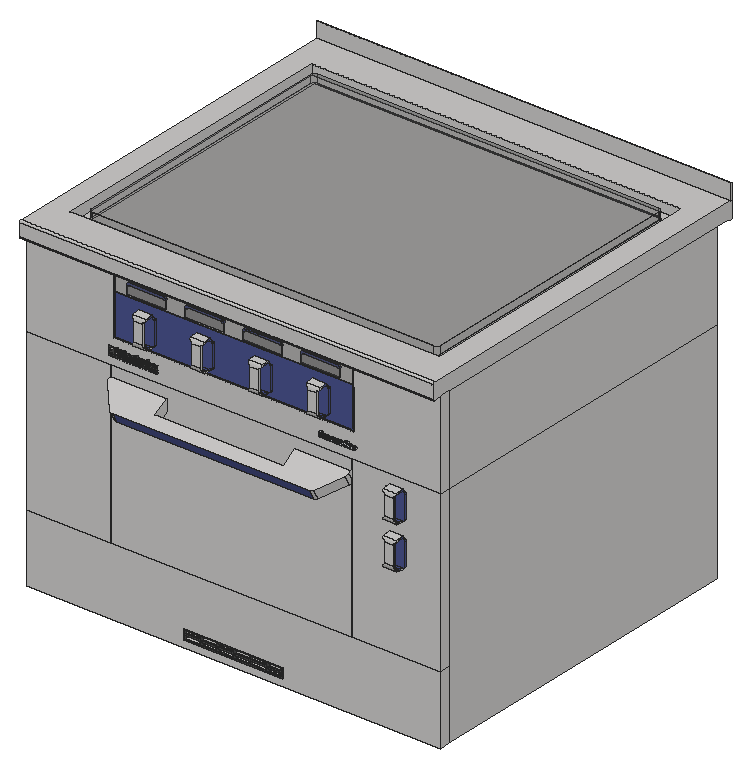
Revit family "QF_ELECTROLUXPROFESSIONAL_589664_MCTGFBJ8AO", category Attrezzature speciali, Revit 2020
Family settings
  Quota connettore circolare = Usa diametro
  Tipo di parte = Normale
  Basato su piano di lavoro = No
  Sempre verticale = Sì
  Taglio con vuoti quando caricato = No
  Condiviso = No
  Punto di calcolo locali = No
Parameters (values of type "Standard")
  Weight = 258.00 kg
  Watts = 21300 W
  Volts = 400 V
  URL Manufacturer = "https://www.electroluxprofessional.com/"
  URL = "https://www.electroluxprofessional.com/"
  Steam Supply Size = 0"
  Steam Supply Minimum Pressure = 0.00 psi
  Steam Supply Maximum Pressure = 0.00 psi
  Steam Consumption per Hour = 0
  Refrigeration Suction Line Size = 0 mm
  Refrigeration Liquid Line Size = 0 mm
  Refrigerant Compressor Remote = yes
  Prospetto di default = 0 mm
  Phase = 3
  Modello = "MCTGFBJ8AO"
  Produttore = "Electrolux Professional"
  Length Actual = 1000 mm  # constant formula
  Item Number = "589664"
  Hot Water Size = 0"
  Height Actual = 800 mm  # constant formula
  HP = "28.6 HP"
  Gas Size = 0"
  Gas KW = 0
  Gas Input Pressure = 0.0 Btu/h
  Direct Waste Size = 0"
  Descrizione = "EL.FREE COOK.ST.OVEN,1S,BS,1000X900X800H"
  Depth Actual = 900 mm  # constant formula
  Cycle = 50 Hz
  Condensate Return Size = 0"
  Compressed Air Volume = 0 GPM
  Compressed Air Size = 0"
  Compressed Air Pressure = 0.00 psi
  Cold Water Size = 0"
  Accessory = yes
Reference planes
  plane 1 "BACK": y = 0
  plane 2: z = 0
  plane 3 "LEFT": x = -100
  plane 4 "RIGHT": x = 900
  plane 5 "FRONT": y = -900
  plane 6 "TOP": z = 900
  plane 7 "Center (Left/Right)": x = 400
  plane 8: y = -450
  plane 9: z = 100
  plane 10: y = -150
  plane 11 "Panel": y = -855
  plane 12: z = 798
  plane 13: z = 1327
  plane 14: x = -22
  plane 15: x = 822
  plane 16: y = -150
  plane 17: y = -650
  plane 18 "EIx": x = 855
  plane 19 "EIy": y = -685
  plane 20: y = -880
  plane 21: z = 938
Forms (mm)
  Extrusion 1, solid, material "QF_Finishes_Stainless Steel"
    sketch origin (-178.969, -4572, 100) x (-1, 0, 0) y (0, -1, 0)
      loop
        line (-78.969, -4527) -> (-78.969, -3717) -> (-1078.969, -3717) -> (-1078.969, -4527) -> (-78.969, -4527)
    from 550 to 762.969
  Extrusion 2, solid, material "QF_Finishes_Stainless Steel"
    sketch origin (-100, 0, -100) x (0, 1, 0) y (0, 0, 1)
      loop
        line (-855, 200) -> (-855, 365) -> (-880, 365) -> (-880, 200) -> (-855, 200)
    from 0 to 1000
  Extrusion 3, solid, material "QF_Finishes_Stainless Steel"
    sketch origin (-488.969, -4662, 100) x (-1, 0, 0) y (0, -1, 0)
      loop
        circle (-1343.969, -3977) r 6.35
    from 0 to -11.851
  Extrusion 4, solid, material "QF_Finishes_Stainless Steel"
    sketch origin (400, 296.4, 1219.2) x (0, 1, 0) y (0, 0, 1)
      loop
        line (-296.4, -319.2) -> (-1191.4, -319.2)
        arc (-1191.4, -319.2) -> (-1194.935, -320.664) -> (-1196.4, -324.2) r 5
        line (-1196.4, -324.2) -> (-1196.4, -355.2)
        arc (-1196.4, -355.2) -> (-1194.971, -358.264) -> (-1191.705, -359.139) r 4
        line (-1191.705, -359.139) -> (-1176.4, -356.231) -> (-316.4, -356.231) -> (-301.094, -359.139)
        arc (-301.094, -359.139) -> (-297.829, -358.264) -> (-296.4, -355.2) r 4
        line (-296.4, -355.2) -> (-296.4, -319.2)
    from -500 to 500
  Extrusion 5, solid, material "QF_Finishes_Electrolux_Black Smoke Iluminated"
    sketch origin (0, 0, 900) x (-1, 0, 0) y (0, -1, 0)
      loop
        arc (12, 109) -> (19.071, 111.929) -> (22, 119) r 10
        line (22, 119) -> (22, 780)
        arc (22, 780) -> (19.071, 787.071) -> (12, 790) r 10
        line (12, 790) -> (-812, 790)
        arc (-812, 790) -> (-819.071, 787.071) -> (-822, 780) r 10
        line (-822, 780) -> (-822, 119)
        arc (-822, 119) -> (-819.071, 111.929) -> (-812, 109) r 10
        line (-812, 109) -> (12, 109)
    from 0 to -20
  Extrusion 6, solid, material "QF_Finishes_Stainless Steel"
    sketch origin (-178.969, -4572, 100) x (-1, 0, 0) y (0, -1, 0)
      loop
        line (-78.969, -4527) -> (-78.969, -3717) -> (-1078.969, -3717) -> (-1078.969, -4527) -> (-78.969, -4527)
    from 550 to 0
  Extrusion 7, void
    sketch origin (0, -855, -100) x (-1, 0, 0) y (0, 0, 1)
      loop
        line (-520, 216.594) -> (-280, 216.594) -> (-280, 241.594) -> (-520, 241.594) -> (-520, 216.594)
    from 0 to -25
  Extrusion 8, solid, material "QF_Finishes_Black"
    sketch origin (0, -855, -100) x (-1, 0, 0) y (0, 0, 1)
      loop
        line (-280, 241.594) -> (-520, 241.594) -> (-520, 216.594) -> (-280, 216.594) -> (-280, 241.594)
      loop
        line (-282, 239.594) -> (-319.131, 239.594) -> (-319.131, 230.094) -> (-282, 230.094) -> (-282, 239.594)
      loop
        line (-282, 218.594) -> (-282, 228.094) -> (-319.131, 228.094) -> (-319.131, 218.594) -> (-282, 218.594)
      loop
        line (-321.131, 239.594) -> (-359.066, 239.594) -> (-359.066, 230.094) -> (-321.131, 230.094) -> (-321.131, 239.594)
      loop
        line (-399, 239.594) -> (-399, 230.094) -> (-361.066, 230.094) -> (-361.066, 239.594) -> (-399, 239.594)
      loop
        line (-401, 239.594) -> (-438.934, 239.594) -> (-438.934, 230.094) -> (-401, 230.094) -> (-401, 239.594)
      loop
        line (-359.066, 218.594) -> (-321.131, 218.594) -> (-321.131, 228.094) -> (-359.066, 228.094) -> (-359.066, 218.594)
      loop
        line (-361.066, 218.594) -> (-361.066, 228.094) -> (-399, 228.094) -> (-399, 218.594) -> (-361.066, 218.594)
      loop
        line (-401, 228.094) -> (-438.934, 228.094) -> (-438.934, 218.594) -> (-401, 218.594) -> (-401, 228.094)
      loop
        line (-518, 239.594) -> (-518, 230.094) -> (-480.869, 230.094) -> (-480.869, 239.594) -> (-518, 239.594)
      loop
        line (-518, 218.594) -> (-480.869, 218.594) -> (-480.869, 228.094) -> (-518, 228.094) -> (-518, 218.594)
      loop
        line (-478.869, 239.594) -> (-478.869, 230.094) -> (-440.934, 230.094) -> (-440.934, 239.594) -> (-478.869, 239.594)
      loop
        line (-440.934, 218.594) -> (-440.934, 228.094) -> (-478.869, 228.094) -> (-478.869, 218.594) -> (-440.934, 218.594)
    from -25.03 to -20
  Extrusion 9, void
    sketch origin (0, 0, 900) x (-1, 0, 0) y (0, -1, 0)
      loop
        line (47, 815) -> (-847, 815) -> (-847, 84) -> (47, 84) -> (47, 815)
    from 0 to -25
  Extrusion 10, solid, material "QF_Finishes_Stainless Steel"
    sketch origin (0, 0, 900) x (-1, 0, 0) y (0, -1, 0)
      loop
        line (18, 113) -> (18, 786) -> (-818, 786) -> (-818, 113) -> (18, 113)
    from -20 to -25
  Extrusion 11, solid, material "QF_Finishes_Stainless Steel"
    sketch origin (400, 296.4, 1219.2) x (0, 1, 0) y (0, 0, 1)
      loop
        line (-296.4, -319.2) -> (-296.4, -281.2) -> (-298.4, -281.2) -> (-298.4, -319.2) -> (-296.4, -319.2)
    from -500 to 500
Cuts and joins
  Extrusion 7 cuts Extrusion 6
  Extrusion 7 cuts Extrusion 2
  Extrusion 9 cuts Extrusion 4
Lines and regions (mm)
  symbolic lines
    curve 1: line (-100, 0, 100) -> (900, 0, 100)
    curve 2: line (-100, -900, 100) -> (-100, 0, 100)
    curve 3: line (900, -900, 100) -> (-100, -900, 100)
    curve 4: line (900, 0, 100) -> (900, -900, 100)
    curve 5: line (812, -109, 100) -> (-12, -109, 100)
    curve 6: line (-22, -119, 100) -> (-22, -780, 100)
    curve 7: line (-12, -790, 100) -> (812, -790, 100)
    curve 8: line (822, -780, 100) -> (822, -119, 100)
    curve 9: arc (-12, -109, 100) -> (-19.071, -111.929, 100) -> (-22, -119, 100) r 10
    curve 10: arc (822, -119, 100) -> (819.071, -111.929, 100) -> (812, -109, 100) r 10
    curve 11: arc (812, -790, 100) -> (819.071, -787.071, 100) -> (822, -780, 100) r 10
    curve 12: arc (-22, -780, 100) -> (-19.071, -787.071, 100) -> (-12, -790, 100) r 10
    curve 13: line (847, -84, 900) -> (-47, -84, 900)
    curve 14: line (-47, -84, 900) -> (-47, -815, 900)
    curve 15: line (847, -815, 900) -> (847, -84, 900)
    curve 16: line (-47, -815, 900) -> (847, -815, 900)
    curve 17: line (-100, -2, 900) -> (900, -2, 900)
Dimensions and locks
  plane 3 "LEFT" to plane 4 "RIGHT" = 1000 mm
  plane 5 "FRONT" to plane 1 "BACK" = 900 mm
  plane 3 "LEFT" to plane 7 "Center (Left/Right)" to plane 4 "RIGHT" = 500 mm, 500 mm
  equal spacing: plane 5 "FRONT", plane 8, plane 1 "BACK"
  plane 6 "TOP" to level = 900 mm  (x2)
  plane 9 to level = 100 mm
  plane 1 "BACK" to plane 10 to plane 11 "Panel" = 150 mm, 705 mm  (x2)
  plane 6 "TOP" to plane 9 to level = 800 mm, 100 mm
  plane 1 "BACK" to plane 5 "FRONT" = 900 mm
  plane 1 "BACK" to Extrusion 3 = 685 mm
  plane 12 to plane 9 = 698 mm
  plane 13 to plane 6 "TOP" = 427 mm
  plane 6 "TOP" to plane 12 = 102 mm
  plane 14 to plane 3 "LEFT" = 78 mm
  plane 15 to plane 4 "RIGHT" = 78 mm
  locked: plane 1 "BACK" to plane 16 at 150
  locked: plane 16 to plane 17 at 500
  plane 11 "Panel" to plane 5 "FRONT" = 45 mm
  plane 18 "EIx" to plane 4 "RIGHT" = 45 mm
  plane 19 "EIy" to plane 1 "BACK" = 685 mm
  locked: plane 11 "Panel" to plane 20 at 25
  plane 21 to plane 6 "TOP" = 38 mm
  aligned and locked: level to plane 2
  aligned and locked: Extrusion 2 to plane 4 "RIGHT"
  aligned and locked: cut or joined group of Extrusion 4, Extrusion 9 to plane 3 "LEFT"
  aligned and locked: cut or joined group of Extrusion 4, Extrusion 9 to plane 4 "RIGHT"
  aligned and locked: cut or joined group of Extrusion 6, Extrusion 7 to plane 4 "RIGHT"
  aligned and locked: cut or joined group of Extrusion 6, Extrusion 7 to plane 3 "LEFT"
  aligned and locked: nested 1 to plane 11 "Panel"
  aligned and locked: nested 4 to plane 11 "Panel"
  aligned and locked: Extrusion 1 to plane 11 "Panel"
  aligned and locked: plane 11 "Panel" to cut or joined group of Extrusion 2, Extrusion 7
  aligned and locked: nested 2 to plane 20
  aligned and locked: nested 3 to plane 20
  aligned and locked: Extrusion 1 to plane 3 "LEFT"
  aligned and locked: Extrusion 1 to plane 4 "RIGHT"
  aligned and locked: plane 3 "LEFT" to nested 1
  aligned and locked: Extrusion 11 to plane 3 "LEFT"
  aligned and locked: Extrusion 11 to plane 4 "RIGHT"
  aligned and locked: cut or joined group of Extrusion 2, Extrusion 7 to nested 1
  aligned and locked: Extrusion 1 to cut or joined group of Extrusion 4, Extrusion 9
  aligned and locked: cut or joined group of Extrusion 6, Extrusion 7 to nested 4
  aligned and locked: Extrusion 1 to cut or joined group of Extrusion 6, Extrusion 7
Automatic sketch dimensions
  Extrusion 1 sketch curve to plane 4 "RIGHT" = 0 mm
  Extrusion 1 sketch curve to plane 3 "LEFT" = 0 mm
  Extrusion 1 sketch curve to plane 11 "Panel" = 0 mm
  plane 1 "BACK" to Extrusion 1 sketch curve = 45 mm
  Extrusion 2 sketch curve to plane 9 = 0 mm
  Extrusion 2 sketch curve to plane 20 = 0 mm
  Extrusion 2 sketch curve to plane 11 "Panel" = 0 mm
  plane 9 to Extrusion 2 sketch curve = 165 mm
  plane 1 "BACK" to curve 1 = 0 mm
  curve 1 to plane 4 "RIGHT" = 0 mm
  curve 8 to plane 15 = 0 mm
  curve 6 to plane 14 = 0 mm
  curve 2 to plane 3 "LEFT" = 0 mm
  plane 5 "FRONT" to curve 3 = 0 mm
  plane 15 to curve 5 = 10 mm
  plane 15 to curve 11 = 10 mm
  curve 5 to plane 14 = 10 mm
  curve 12 to curve 12 = 10 mm
  plane 10 to curve 5 = 41 mm
  plane 11 "Panel" to curve 11 = 75 mm
  Extrusion 3 sketch curve to plane 18 "EIx" = 0 mm
  Extrusion 3 sketch curve to plane 19 "EIy" = 0 mm
  Extrusion 4 sketch curve to plane 5 "FRONT" = 0 mm
  Extrusion 4 sketch curve to plane 6 "TOP" = 0 mm
  Extrusion 4 sketch curve to plane 20 = 0 mm
  Extrusion 4 sketch curve to plane 1 "BACK" = 0 mm
  Extrusion 4 sketch curve to Extrusion 4 sketch curve = 4 mm
  Extrusion 4 sketch curve to Extrusion 4 sketch curve = 0.695 mm
  Extrusion 4 sketch curve to plane 5 "FRONT" = 5 mm
  plane 1 "BACK" to Extrusion 4 sketch curve = 20 mm
  plane 1 "BACK" to Extrusion 4 sketch curve = 4.695 mm
  plane 1 "BACK" to Extrusion 4 sketch curve = 4 mm
  Extrusion 4 sketch curve to Extrusion 4 sketch curve = 31 mm
  Extrusion 4 sketch curve to Extrusion 4 sketch curve = 36 mm
  Extrusion 4 sketch curve to Extrusion 4 sketch curve = 2.909 mm
  Extrusion 5 sketch curve to plane 15 = 0 mm
  Extrusion 5 sketch curve to plane 14 = 0 mm
  plane 15 to Extrusion 5 sketch curve = 10 mm  (x2)
  Extrusion 5 sketch curve to Extrusion 5 sketch curve = 10 mm  (x2)
  plane 10 to Extrusion 5 sketch curve = 41 mm
  plane 11 "Panel" to Extrusion 5 sketch curve = 75 mm
  Extrusion 6 sketch curve to plane 4 "RIGHT" = 0 mm
  Extrusion 6 sketch curve to plane 3 "LEFT" = 0 mm
  Extrusion 6 sketch curve to plane 11 "Panel" = 0 mm
  plane 1 "BACK" to Extrusion 6 sketch curve = 45 mm
  plane 9 to Extrusion 7 sketch curve = 41.594 mm
  plane 7 "Center (Left/Right)" to Extrusion 7 sketch curve = 120 mm
  Extrusion 7 sketch curve to plane 7 "Center (Left/Right)" = 120 mm
  plane 9 to Extrusion 7 sketch curve = 16.594 mm
  plane 9 to Extrusion 8 sketch curve = 41.594 mm
  plane 7 "Center (Left/Right)" to Extrusion 8 sketch curve = 120 mm
  Extrusion 8 sketch curve to Extrusion 8 sketch curve = 2 mm  (x15)
  Extrusion 8 sketch curve to Extrusion 8 sketch curve = 0 mm  (x16)
  Extrusion 8 sketch curve to Extrusion 8 sketch curve = 37.131 mm  (x2)
  Extrusion 8 sketch curve to Extrusion 8 sketch curve = 37.934 mm  (x3)
  plane 7 "Center (Left/Right)" to Extrusion 8 sketch curve = 1 mm  (x2)
  Extrusion 8 sketch curve to plane 7 "Center (Left/Right)" = 1 mm  (x2)
  plane 9 to Extrusion 8 sketch curve = 18.594 mm  (x4)
  Extrusion 8 sketch curve to Extrusion 8 sketch curve = 9.5 mm  (x6)
  plane 18 "EIx" to Extrusion 9 sketch curve = 8 mm
  plane 14 to Extrusion 9 sketch curve = 25 mm
  plane 10 to Extrusion 9 sketch curve = 66 mm
  plane 11 "Panel" to Extrusion 9 sketch curve = 40 mm
  plane 15 to Extrusion 10 sketch curve = 4 mm
  Extrusion 10 sketch curve to plane 14 = 4 mm
  plane 10 to Extrusion 10 sketch curve = 37 mm
  plane 11 "Panel" to Extrusion 10 sketch curve = 69 mm
  curve 17 to plane 4 "RIGHT" = 0 mm
  curve 17 to plane 3 "LEFT" = 0 mm
  plane 18 "EIx" to curve 16 = 8 mm
  plane 14 to curve 16 = 25 mm
  plane 10 to curve 14 = 66 mm
  plane 11 "Panel" to curve 16 = 40 mm
  plane 1 "BACK" to curve 17 = 2 mm
  Extrusion 11 sketch curve to plane 6 "TOP" = 0 mm
  Extrusion 11 sketch curve to plane 21 = 0 mm
  Extrusion 11 sketch curve to plane 1 "BACK" = 0 mm
  plane 1 "BACK" to Extrusion 11 sketch curve = 2 mm
  radius of Extrusion 3 sketch curve = 6.35 mm
Nested families
  nested 1: "Door_Panel_W1000_A" at (400, -855, 0), type "Door_Panel_W1000_A"
  nested 2: "FIT Range Control Handle" at (795, -883.137, -372.751), type "FIT Range Control Handle"
  nested 3: "FIT Range Control Handle" at (795, -883.137, -474.751), type "FIT Range Control Handle"
  nested 4: "Front_Panel_W1000_4 Knobs" at (102.376, -855, 0), type "Front_Panel_W1000_4 Knobs"
Connectors
  electrical at (855, -685, 88.149)
    settings: on Extrusion 3, index 1, voltage 400 V, apparent load 33000 VA, apparent load phase1 0 VA, apparent load phase2 0 VA, apparent load phase3 0 VA, power factor 1, load classification "Other", number of poles 1, system type 30, power factor state 1, is connector primary yes, connector utility no, sub classification motor no, connector description "ELECTRICAL CONNECTION"
Definition of nested family "Door_Panel_W1000_A"
  Parameters
    Default Elevation = 0 mm
  Reference planes
    plane 1 "Center (Front/Back)": y = 0
    plane 2 "Ref. Level": z = 0
    plane 3: x = 500
    plane 4: x = -500
    plane 5 "Center (Left/Right)": x = 0
    plane 6: x = -295
    plane 7: x = 285
    plane 8 "Manopola": through (-6096, -50.059, 612.389) normal (0, -0.515, 0.8572)
    plane 9 "Top": z = 650
    plane 10: z = 265
    plane 11: z = 200
  Forms (mm)
    Extrusion 1, solid
      sketch origin (0, 0, 0) x (0, 1, 0) y (0, 0, 1)
        loop
          line (-25.03, 650) -> (-25.03, 265) -> (0, 265) -> (0, 650) -> (-25.03, 650)
      from 285 to 500
    Extrusion 2, solid
      sketch origin (0, 0, 0) x (0, 1, 0) y (0, 0, 1)
        loop
          line (-25.03, 650) -> (-25.03, 265) -> (0, 265) -> (0, 650) -> (-25.03, 650)
      from -500 to -295
    Extrusion 3, solid
      sketch origin (0, 0, 0) x (0, 1, 0) y (0, 0, 1)
        loop
          line (-25.03, 650) -> (-25.03, 265) -> (0, 265) -> (0, 650) -> (-25.03, 650)
      from -295 to 285
    Extrusion 4, solid
      sketch origin (0, -283.633, 472.044) x (0, 0.857167, 0.515038) y (-1, 0, 0)
        loop
          line (299.12, -285) -> (299.12, 295) -> (290.982, 295)
          arc (290.982, 295) -> (286.677, 294.026) -> (283.211, 291.293) r 10
          line (283.211, 291.293) -> (233.28, 250.86)
          arc (233.28, 250.86) -> (230.548, 247.394) -> (229.574, 243.089) r 10
          line (229.574, 243.089) -> (229.574, -233.089)
          arc (229.574, -233.089) -> (230.548, -237.394) -> (233.28, -240.86) r 10
          line (233.28, -240.86) -> (283.211, -281.293)
          arc (283.211, -281.293) -> (286.677, -284.026) -> (290.982, -285) r 10
          line (290.982, -285) -> (299.12, -285)
      from -27 to 0
    Extrusion 5, void
      sketch origin (0, 0, 0) x (0, 1, 0) y (0, 0, 1)
        loop
          line (-61.514, 605.507) -> (-47.608, 582.363) -> (-25.03, 595.93) -> (-25.03, 627.429) -> (-61.514, 605.507)
      from -160 to 150
    Extrusion 6, solid, detail levels coarse
      sketch origin (0, 0, 0) x (0, 1, 0) y (0, 0, 1)
        loop
          line (-25.03, 265) -> (-25.03, 650)
          arc (-25.03, 650) -> (-297.266, 537.236) -> (-410.03, 265) r 385
          line (-410.03, 265) -> (-25.03, 265)
      from -295 to 285
  Cuts and joins
    Extrusion 5 cuts Extrusion 4
    joined: Extrusion 3, Extrusion 4
  Lines and regions (mm)
    symbolic lines
      curve 1: line (-287.355, -45.043, 0) -> (-250.86, -83.673, 0)
      curve 2: line (-243.089, -86.85, 0) -> (233.089, -86.85, 0)
      curve 3: line (240.86, -83.673, 0) -> (277.355, -45.043, 0)
      curve 4: arc (-243.089, -86.85, 0) -> (-247.318, -86.101, 0) -> (-250.86, -83.673, 0) r 10.165
      curve 5: arc (233.089, -86.85, 0) -> (237.318, -86.101, 0) -> (240.86, -83.673, 0) r 10.165
      curve 6: line (-295, -45.043, 0) -> (-295, -410.03, 0)
      curve 7: line (-295, -410.03, 0) -> (285, -410.03, 0)
      curve 8: line (285, -410.03, 0) -> (285, -45.03, 0)
  Dimensions and locks
    plane 3 to plane 4 = 1000 mm
    plane 4 to plane 3 = 1000 mm
    equal spacing: plane 3, plane 5 "Center (Left/Right)", plane 4
    plane 6 to plane 4 = 205 mm
    plane 3 to plane 7 = 215 mm
    plane 11 to level = 200 mm
    plane 10 to plane 11 = 65 mm
    plane 10 to plane 9 "Top" = 385 mm
    plane 9 "Top" to plane 11 = 450 mm
    aligned and locked: plane 3 to Extrusion 1
    aligned and locked: cut or joined group of Extrusion 3, Extrusion 4, Extrusion 5 to plane 6
    aligned and locked: cut or joined group of Extrusion 3, Extrusion 4, Extrusion 5 to plane 7
    aligned and locked: plane 7 to Extrusion 1
    aligned and locked: plane 6 to Extrusion 2
    aligned and locked: Extrusion 2 to plane 4
    aligned and locked: plane 10 to Extrusion 2
    aligned and locked: plane 10 to cut or joined group of Extrusion 3, Extrusion 4, Extrusion 5
    aligned and locked: plane 10 to Extrusion 1
    aligned and locked: Extrusion 6 to plane 6
    aligned and locked: Extrusion 6 to plane 7
  Automatic sketch dimensions
    Extrusion 5 sketch curve to plane 8 "Manopola" = 0 mm  (x2)
    plane 1 "Center (Front/Back)" to Extrusion 5 sketch curve = 61.514 mm
    Extrusion 5 sketch curve to Extrusion 5 sketch curve = 13.906 mm
    plane 1 "Center (Front/Back)" to Extrusion 5 sketch curve = 25.03 mm
    Extrusion 4 sketch curve to plane 7 = 0 mm
    Extrusion 4 sketch curve to plane 6 = 0 mm
    plane 6 to Extrusion 4 sketch curve = 51.911 mm
    plane 7 to Extrusion 4 sketch curve = 44.14 mm
    Extrusion 4 sketch curve to Extrusion 4 sketch curve = 3.707 mm  (x2)
    plane 6 to Extrusion 4 sketch curve = 44.14 mm
    plane 7 to Extrusion 4 sketch curve = 3.707 mm
    Extrusion 4 sketch curve to Extrusion 4 sketch curve = 49.93 mm  (x2)
    plane 6 to Extrusion 4 sketch curve = 3.707 mm
    Extrusion 4 sketch curve to Extrusion 4 sketch curve = 7.771 mm  (x3)
    Extrusion 4 sketch curve to Extrusion 4 sketch curve = 8.138 mm
    Extrusion 2 sketch curve to plane 1 "Center (Front/Back)" = 0 mm
    Extrusion 3 sketch curve to plane 1 "Center (Front/Back)" = 0 mm
    Extrusion 1 sketch curve to plane 1 "Center (Front/Back)" = 0 mm
    Extrusion 2 sketch curve to plane 9 "Top" = 0 mm
    Extrusion 2 sketch curve to Extrusion 2 sketch curve = 25.03 mm
    Extrusion 3 sketch curve to plane 9 "Top" = 0 mm
    Extrusion 3 sketch curve to Extrusion 3 sketch curve = 25.03 mm
    Extrusion 1 sketch curve to plane 9 "Top" = 0 mm
    plane 1 "Center (Front/Back)" to Extrusion 1 sketch curve = 25.03 mm
    level to Extrusion 1 sketch curve = 265 mm
    level to Extrusion 2 sketch curve = 265 mm
    level to Extrusion 3 sketch curve = 265 mm
    plane 10 to Extrusion 6 sketch curve = 0 mm
    Extrusion 6 sketch curve to plane 9 "Top" = 0 mm
    plane 1 "Center (Front/Back)" to Extrusion 6 sketch curve = 25.03 mm
    curve 7 to plane 7 = 0 mm
    plane 6 to curve 1 = 44.14 mm
    curve 4 to curve 4 = 7.389 mm
    curve 4 to curve 2 = 7.771 mm
    plane 7 to curve 2 = 51.911 mm
    curve 2 to curve 5 = 0.382 mm
    curve 2 to curve 3 = 7.771 mm
    plane 1 "Center (Front/Back)" to curve 6 = 410.03 mm
    plane 1 "Center (Front/Back)" to curve 2 = 86.85 mm
    curve 2 to curve 3 = 3.177 mm
    curve 2 to curve 1 = 3.177 mm
    plane 7 to curve 3 = 7.645 mm
    plane 1 "Center (Front/Back)" to curve 3 = 45.043 mm
    curve 3 to curve 8 = 0.013 mm
    curve 7 to plane 6 = 0 mm
    curve 6 to curve 1 = 7.645 mm
    plane 1 "Center (Front/Back)" to curve 1 = 45.043 mm
    curve 6 to curve 1 = 0 mm
Definition of nested family "FIT Range Control Handle"
  Parameters
    Default Elevation = 0 mm
  Reference planes
    plane 1 "Center (Front/Back)": y = 0
    plane 2: z = 0
    plane 3 "Center (Left/Right)": x = 0
    plane 4: z = 971.092
    plane 5: y = -16.8
  Forms (mm)
    Extrusion 1, solid
      sketch origin (-746.28, 380.497, 208.931) x (-1, 0, 0) y (0, 0, 1)
        loop
          line (-770.101, 786.798) -> (-770.101, 731.649)
          arc (-770.101, 731.649) -> (-769.759, 730.563) -> (-768.855, 729.87) r 1.893
          line (-768.855, 729.87) -> (-763.474, 727.911) -> (-729.81, 727.911) -> (-724.428, 729.87)
          arc (-724.428, 729.87) -> (-723.525, 730.563) -> (-723.183, 731.649) r 1.893
          line (-723.183, 731.649) -> (-723.183, 786.798)
          arc (-723.183, 786.798) -> (-723.529, 787.894) -> (-724.44, 788.593) r 1.91
          line (-724.44, 788.593) -> (-729.683, 790.819) -> (-763.601, 790.819) -> (-768.844, 788.593)
          arc (-768.844, 788.593) -> (-769.755, 787.894) -> (-770.101, 786.798) r 1.91
      from -382.35 to -378.852
    Sweep 2, solid
      path origin (-746.788, 380.496, 208.091) x (0, -1, 0) y (0, 0, 1)
        loop
          line (379.775, 793.281) -> (395.661, 791.048)
          arc (395.661, 791.048) -> (397.781, 787.377) -> (398.517, 783.202) r 12.207
          line (398.517, 783.202) -> (398.517, 737.368)
          arc (398.517, 737.368) -> (397.781, 733.193) -> (395.661, 729.522) r 12.207
          line (395.661, 729.522) -> (379.775, 727.289)
      profile origin (-746.788, -7.222, 1000.256) x (0, -0.139173, 0.990268) y (-1, 0, 0)
        loop
          line (0.782, -763.123) -> (0.782, -730.907) -> (-1.322, -730.907) -> (-1.322, -763.123) -> (0.782, -763.123)
    Sweep 3, solid
      path origin (-746.788, 380.715, 207.832) x (0, -1, 0) y (0, 0, 1)
        loop
          line (380.478, 795.442) -> (397.218, 793.09)
          arc (397.218, 793.09) -> (399.929, 788.473) -> (400.871, 783.202) r 15.207
          line (400.871, 783.202) -> (400.871, 737.584)
          arc (400.871, 737.584) -> (399.914, 732.274) -> (397.164, 727.633) r 15.207
          line (397.164, 727.633) -> (380.601, 725.305)
      profile origin (-746.788, -8.132, 1002.099) x (0, -0.139173, 0.990268) y (-1, 0, 0)
        loop
          line (0.782, -763.123) -> (0.782, -730.907) -> (-1.322, -730.907) -> (-1.322, -763.123) -> (0.782, -763.123)
    Extrusion 4, void
      sketch origin (889.253, 220.666, 207.993) x (1, 0, 0) y (0, 0, 1)
        loop
          line (-943.038, 816.854) -> (-943.038, 703.686) -> (-899.466, 734.196) -> (-899.466, 786.344) -> (-943.038, 816.854)
      from 230.636 to 242.25
    Extrusion 5, void
      sketch origin (-888.8, 220.666, 207.993) x (-1, 0, 0) y (0, 0, -1)
        loop
          line (-943.038, -816.854) -> (-899.466, -786.344) -> (-899.466, -734.196) -> (-943.038, -703.686) -> (-943.038, -816.854)
      from 230.636 to 242.25
    Extrusion 6, solid
      sketch origin (0, 0, 0) x (1, 0, 0) y (0, 0, 1)
        loop
          circle (0, 971.092) r 7.736
      from -3.137 to -1.645
  Cuts and joins
    Extrusion 4, Extrusion 5 cuts Sweep 3
    Extrusion 4, Extrusion 5 cuts Sweep 2
    joined: Extrusion 1, Extrusion 6
  Lines and regions (mm)
    symbolic lines
      curve 1: line (-15.881, -19.189, 0) -> (-15.881, -16.8, 0)
      curve 2: line (16.334, -19.189, 0) -> (16.334, -16.8, 0)
      curve 3: spline (-15.881, -19.189, 0) -> (-15.417, -19.349, 0) -> (-14.951, -19.501, 0) -> (-14.483, -19.646, 0) -> (-14.014, -19.783, 0) -> (-13.543, -19.912, 0) -> (-13.071, -20.033, 0) -> (-12.597, -20.146, 0) -> (-12.122, -20.251, 0) -> (-11.646, -20.349, 0) -> (-11.169, -20.438, 0) -> (-10.691, -20.52, 0) -> (-10.213, -20.593, 0)
      curve 4: spline (10.666, -20.593, 0) -> (11.144, -20.52, 0) -> (11.622, -20.438, 0) -> (12.099, -20.349, 0) -> (12.575, -20.251, 0) -> (13.05, -20.146, 0) -> (13.524, -20.033, 0) -> (13.996, -19.912, 0) -> (14.467, -19.783, 0) -> (14.936, -19.646, 0) -> (15.404, -19.501, 0) -> (15.87, -19.349, 0) -> (16.334, -19.189, 0)
      curve 5: line (-10.213, -20.938, 0) -> (10.716, -20.938, 0)
  Dimensions and locks
    cut or joined group of Sweep 3, Extrusion 4, Extrusion 5 to cut or joined group of Sweep 3, Extrusion 4, Extrusion 5 = 71.686 mm
Definition of nested family "Front_Panel_W1000_4 Knobs"
  Parameters
    Default Elevation = 0 mm
  Reference planes
    plane 1 "Center (Front/Back)": y = 0
    plane 2: z = 0
    plane 3 "Center (Left/Right)": x = 297.624
    plane 4 "Left": x = -202.376
    plane 5 "Right": x = 797.624
    plane 6: y = -45
    plane 7: x = 87.624
    plane 8: x = 227.624
    plane 9: y = -310
    plane 10: y = -25
    plane 11: x = -2.376
    plane 12: x = 367.624
    plane 13: x = 507.624
    plane 14: x = 594.715
  Forms (mm)
    Extrusion 1, solid
      sketch origin (833.217, 829.203, -1.25) x (0, 1, 0) y (0, 0, 1)
        loop
          line (-854.203, 651.25) -> (-829.203, 651.25) -> (-829.203, 864.25) -> (-854.203, 864.25) -> (-854.203, 651.25)
      from -1035.593 to -35.593
    Extrusion 2, void
      sketch origin (0, 0, 0) x (1, 0, 0) y (0, 0, 1)
        loop
          line (7.624, 853.866) -> (7.624, 711.866) -> (587.624, 711.866) -> (587.624, 853.866) -> (7.624, 853.866)
      from 19.387 to 33.951
  Cuts and joins
    Extrusion 2 cuts Extrusion 1
  Lines and regions (mm)
    symbolic lines
      curve 1: line (131.124, -45, 0) -> (131.124, -310, 0)
      curve 2: line (131.124, -310, 0) -> (464.124, -310, 0)
      curve 3: line (235.966, -310, 0) -> (240.646, -334.075, 0)
      curve 4: line (240.646, -334.075, 0) -> (354.603, -334.075, 0)
      curve 5: line (354.603, -334.075, 0) -> (359.283, -310, 0)
      curve 6: line (464.124, -310, 0) -> (464.124, -45, 0)
      curve 7: line (131.124, -300, 0) -> (464.124, -300, 0)
      curve 8: line (240.874, -309.046, 0) -> (244.767, -329.075, 0)
      curve 9: line (244.767, -329.075, 0) -> (350.481, -329.075, 0)
      curve 10: line (350.481, -329.075, 0) -> (354.375, -309.046, 0)
  Dimensions and locks
    equal spacing: plane 5 "Right", plane 3 "Center (Left/Right)", plane 4 "Left"
    plane 5 "Right" to plane 4 "Left" = 1000 mm
    plane 3 "Center (Left/Right)" to plane 7 = 210 mm
    plane 3 "Center (Left/Right)" to plane 8 = 70 mm
    plane 6 to plane 9 = 265 mm
    plane 13 to plane 3 "Center (Left/Right)" = 210 mm
    plane 12 to plane 3 "Center (Left/Right)" = 70 mm
    aligned and locked: cut or joined group of Extrusion 1, Extrusion 2 to plane 4 "Left"
    aligned and locked: plane 5 "Right" to cut or joined group of Extrusion 1, Extrusion 2
    aligned and locked: plane 3 "Center (Left/Right)" to nested 2
    aligned and locked: cut or joined group of Extrusion 1, Extrusion 2 to nested 2
  Automatic sketch dimensions
    Extrusion 1 sketch curve to plane 1 "Center (Front/Back)" = 0 mm
    level to Extrusion 1 sketch curve = 650 mm
    plane 4 "Left" to Extrusion 2 sketch curve = 210 mm
    Extrusion 2 sketch curve to plane 5 "Right" = 210 mm
    level to Extrusion 2 sketch curve = 711.866 mm
    Extrusion 2 sketch curve to Extrusion 2 sketch curve = 142 mm
    plane 6 to curve 1 = 0 mm
    plane 6 to curve 6 = 0 mm
    plane 9 to curve 1 = 0 mm
    plane 7 to curve 1 = 43.5 mm
    curve 4 to plane 9 = 24.075 mm
    plane 8 to curve 4 = 13.021 mm
    curve 3 to curve 8 = 4.122 mm
    plane 3 "Center (Left/Right)" to curve 4 = 56.979 mm
    curve 4 to curve 2 = 109.521 mm
    plane 8 to curve 3 = 8.342 mm
    curve 3 to curve 8 = 4.908 mm
    curve 9 to curve 4 = 4.122 mm
    curve 10 to plane 9 = 19.075 mm
    curve 9 to curve 5 = 8.801 mm
    plane 9 to curve 10 = 0.954 mm
    curve 10 to curve 5 = 4.908 mm
    curve 3 to curve 8 = 0.954 mm
    curve 1 to curve 7 = 10 mm
    Extrusion 1 sketch curve to plane 6 = 20 mm
    Extrusion 1 sketch curve to Extrusion 1 sketch curve = 213 mm
  Nested families
    nested 1: "Range Control Handle" at (87.624, -28.137, -209.113) x (-1, 0, 0) z (0, 0, 1), type "Range Control Handle"
    nested 2: "Front glass control panel W1000" at (297.624, 280.644, 2.752), type "Front glass control panel W1000"
    nested 3: "Range Control Handle" at (227.624, -28.137, -209.113) x (-1, 0, 0) z (0, 0, 1), type "Range Control Handle"
    nested 4: "Range Control Handle" at (367.624, -28.137, -209.113), type "Range Control Handle"
    nested 5: "Range Control Handle" at (507.624, -28.137, -209.113), type "Range Control Handle"
    nested 6: "ELX_ThermaLine_Small" at (546.122, -25, 679.426) x (1, 0, 0) z (0, -1, 0), type "ELX_ThermaLine_Small"
      with Show Logo yes, Material_Logo none
    nested 7: "ELX_Professional_Logo_Small" at (57.11, -25, 681.659) x (1, 0, 0) z (0, -1, 0), type "ELX_Professional_Logo_Small"
      with Show Logo yes, Material_Logo none
  Definition of nested family "Range Control Handle"
    Parameters
      Default Elevation = 0 mm
    Reference planes
      plane 1 "Center (Front/Back)": y = 0
      plane 2: z = 0
      plane 3 "Center (Left/Right)": x = 0
      plane 4: z = 971.092
      plane 5: y = -16.9
    Forms (mm)
      Extrusion 1, solid
        sketch origin (-746.28, 380.497, 208.931) x (-1, 0, 0) y (0, 0, 1)
          loop
            line (-770.101, 786.798) -> (-770.101, 731.649)
            arc (-770.101, 731.649) -> (-769.759, 730.563) -> (-768.855, 729.87) r 1.893
            line (-768.855, 729.87) -> (-763.474, 727.911) -> (-729.81, 727.911) -> (-724.428, 729.87)
            arc (-724.428, 729.87) -> (-723.525, 730.563) -> (-723.183, 731.649) r 1.893
            line (-723.183, 731.649) -> (-723.183, 786.798)
            arc (-723.183, 786.798) -> (-723.529, 787.894) -> (-724.44, 788.593) r 1.91
            line (-724.44, 788.593) -> (-729.683, 790.819) -> (-763.601, 790.819) -> (-768.844, 788.593)
            arc (-768.844, 788.593) -> (-769.755, 787.894) -> (-770.101, 786.798) r 1.91
        from -382.35 to -378.852
      Sweep 2, solid
        path origin (-746.788, 380.496, 208.091) x (0, -1, 0) y (0, 0, 1)
          loop
            line (379.775, 793.281) -> (395.661, 791.048)
            arc (395.661, 791.048) -> (397.781, 787.377) -> (398.517, 783.202) r 12.207
            line (398.517, 783.202) -> (398.517, 737.368)
            arc (398.517, 737.368) -> (397.781, 733.193) -> (395.661, 729.522) r 12.207
            line (395.661, 729.522) -> (379.775, 727.289)
        profile origin (-746.788, -7.222, 1000.256) x (0, -0.139173, 0.990268) y (-1, 0, 0)
          loop
            line (0.782, -763.123) -> (0.782, -730.907) -> (-1.322, -730.907) -> (-1.322, -763.123) -> (0.782, -763.123)
      Sweep 3, solid
        path origin (-746.788, 380.715, 207.832) x (0, -1, 0) y (0, 0, 1)
          loop
            line (380.478, 795.442) -> (397.218, 793.09)
            arc (397.218, 793.09) -> (399.929, 788.473) -> (400.871, 783.202) r 15.207
            line (400.871, 783.202) -> (400.871, 737.584)
            arc (400.871, 737.584) -> (399.914, 732.274) -> (397.164, 727.633) r 15.207
            line (397.164, 727.633) -> (380.601, 725.305)
        profile origin (-746.788, -8.132, 1002.099) x (0, -0.139173, 0.990268) y (-1, 0, 0)
          loop
            line (0.782, -763.123) -> (0.782, -730.907) -> (-1.322, -730.907) -> (-1.322, -763.123) -> (0.782, -763.123)
      Extrusion 4, void
        sketch origin (889.253, 220.666, 207.993) x (1, 0, 0) y (0, 0, 1)
          loop
            line (-943.038, 816.854) -> (-943.038, 703.686) -> (-899.466, 734.196) -> (-899.466, 786.344) -> (-943.038, 816.854)
        from 230.636 to 242.25
      Extrusion 5, void
        sketch origin (-888.8, 220.666, 207.993) x (-1, 0, 0) y (0, 0, -1)
          loop
            line (-943.038, -816.854) -> (-899.466, -786.344) -> (-899.466, -734.196) -> (-943.038, -703.686) -> (-943.038, -816.854)
        from 230.636 to 242.25
      Extrusion 6, solid
        sketch origin (0, 0, 0) x (1, 0, 0) y (0, 0, 1)
          loop
            circle (0, 971.092) r 7.736
        from -3.137 to -1.645
    Cuts and joins
      Extrusion 4, Extrusion 5 cuts Sweep 3
      Extrusion 4, Extrusion 5 cuts Sweep 2
      joined: Extrusion 1, Extrusion 6
    Lines and regions (mm)
      symbolic lines
        curve 1: line (16.334, -16.9, 0) -> (16.334, -19.227, 0)
        curve 2: spline (16.334, -19.227, 0) -> (15.87, -19.385, 0) -> (15.404, -19.536, 0) -> (14.936, -19.678, 0) -> (14.466, -19.813, 0) -> (13.995, -19.94, 0) -> (13.523, -20.059, 0) -> (13.049, -20.171, 0) -> (12.575, -20.274, 0) -> (12.099, -20.37, 0) -> (11.622, -20.458, 0) -> (11.144, -20.537, 0) -> (10.666, -20.609, 0)
        curve 3: line (10.666, -16.9, 0) -> (10.666, -20.938, 0)
        curve 4: line (-10.213, -20.938, 0) -> (10.666, -20.938, 0)
        curve 5: line (-10.213, -20.938, 0) -> (-10.213, -16.9, 0)
        curve 6: spline (-10.213, -20.609, 0) -> (-10.691, -20.537, 0) -> (-11.169, -20.458, 0) -> (-11.646, -20.37, 0) -> (-12.122, -20.274, 0) -> (-12.597, -20.171, 0) -> (-13.07, -20.059, 0) -> (-13.542, -19.94, 0) -> (-14.013, -19.813, 0) -> (-14.483, -19.678, 0) -> (-14.951, -19.536, 0) -> (-15.417, -19.385, 0) -> (-15.881, -19.227, 0)
        curve 7: line (-15.881, -19.227, 0) -> (-15.881, -16.9, 0)
  Definition of nested family "Front glass control panel W1000"
    Parameters
      Default Elevation = 0 mm
    Reference planes
      plane 1 "Center (Front/Back)": y = 0
      plane 2: z = 0
      plane 3 "Center (Left/Right)": x = 0
    Forms (mm)
      Extrusion 1, solid
        sketch origin (378.286, 0, 0.617) x (1, 0, 0) y (0, 0, 1)
          loop
            line (-668.286, 806.791) -> (-668.286, 708.497) -> (-88.286, 708.497) -> (-88.286, 806.791) -> (-668.286, 806.791)
        from 300.031 to 304.8
      Extrusion 2, solid
        sketch origin (378.286, 0, 0.617) x (1, 0, 0) y (0, 0, 1)
          loop
            line (-668.286, 850.497) -> (-668.286, 806.791) -> (-88.286, 806.791) -> (-88.286, 850.497) -> (-668.286, 850.497)
        from 300.031 to 304.8
      Extrusion 3, void
        sketch origin (378.286, 0, 0.617) x (1, 0, 0) y (0, 0, 1)
          loop
            line (-665.628, 847.565) -> (-665.628, 710.699) -> (-91.196, 710.699) -> (-91.196, 847.565) -> (-665.628, 847.565)
        from 303.697 to 304.8
      Extrusion 4, solid
        sketch origin (-378.333, 1.101, -0.633) x (-1, 0, 0) y (0, 0, -1)
          loop
            line (-261.431, -812.62) -> (-355.186, -812.62) -> (-355.186, -834.177) -> (-350.269, -834.177) -> (-348.469, -835.977) -> (-268.039, -835.977) -> (-266.24, -834.177) -> (-261.431, -834.177) -> (-261.431, -812.62)
        from 304.798 to 306.745
      Extrusion 5, solid
        sketch origin (-378.333, 1.101, -0.633) x (-1, 0, 0) y (0, 0, -1)
          loop
            line (-350.269, -834.177) -> (-355.078, -834.177)
            arc (-355.078, -834.177) -> (-353.942, -838.747) -> (-349.686, -840.763) r 5.5
            line (-349.686, -840.763) -> (-266.98, -840.763)
            arc (-266.98, -840.763) -> (-262.706, -838.752) -> (-261.529, -834.177) r 5.549
            line (-261.529, -834.177) -> (-266.24, -834.177) -> (-268.039, -835.977) -> (-348.469, -835.977) -> (-350.269, -834.177)
        from 304.798 to 306.745
      Extrusion 6, solid
        sketch origin (-518.333, 1.101, -0.633) x (-1, 0, 0) y (0, 0, -1)
          loop
            line (-261.431, -812.62) -> (-355.186, -812.62) -> (-355.186, -834.177) -> (-350.269, -834.177) -> (-348.469, -835.977) -> (-268.039, -835.977) -> (-266.24, -834.177) -> (-261.431, -834.177) -> (-261.431, -812.62)
        from 304.798 to 306.745
      Extrusion 7, solid
        sketch origin (-518.333, 1.101, -0.633) x (-1, 0, 0) y (0, 0, -1)
          loop
            line (-350.269, -834.177) -> (-355.078, -834.177)
            arc (-355.078, -834.177) -> (-353.942, -838.747) -> (-349.686, -840.763) r 5.5
            line (-349.686, -840.763) -> (-266.98, -840.763)
            arc (-266.98, -840.763) -> (-262.706, -838.752) -> (-261.529, -834.177) r 5.549
            line (-261.529, -834.177) -> (-266.24, -834.177) -> (-268.039, -835.977) -> (-348.469, -835.977) -> (-350.269, -834.177)
        from 304.798 to 306.745
      Extrusion 8, solid
        sketch origin (378.333, 1.101, -0.633) x (1, 0, 0) y (0, 0, 1)
          loop
            line (-261.431, 812.62) -> (-261.431, 834.177) -> (-266.24, 834.177) -> (-268.039, 835.977) -> (-348.469, 835.977) -> (-350.269, 834.177) -> (-355.186, 834.177) -> (-355.186, 812.62) -> (-261.431, 812.62)
        from 304.798 to 306.745
      Extrusion 9, solid
        sketch origin (378.333, 1.101, -0.633) x (1, 0, 0) y (0, 0, 1)
          loop
            line (-350.269, 834.177) -> (-348.469, 835.977) -> (-268.039, 835.977) -> (-266.24, 834.177) -> (-261.529, 834.177)
            arc (-261.529, 834.177) -> (-262.706, 838.752) -> (-266.98, 840.763) r 5.549
            line (-266.98, 840.763) -> (-349.686, 840.763)
            arc (-349.686, 840.763) -> (-353.942, 838.747) -> (-355.078, 834.177) r 5.5
            line (-355.078, 834.177) -> (-350.269, 834.177)
        from 304.798 to 306.745
      Extrusion 10, solid
        sketch origin (518.333, 1.101, -0.633) x (1, 0, 0) y (0, 0, 1)
          loop
            line (-261.431, 812.62) -> (-261.431, 834.177) -> (-266.24, 834.177) -> (-268.039, 835.977) -> (-348.469, 835.977) -> (-350.269, 834.177) -> (-355.186, 834.177) -> (-355.186, 812.62) -> (-261.431, 812.62)
        from 304.798 to 306.745
      Extrusion 11, solid
        sketch origin (518.333, 1.101, -0.633) x (1, 0, 0) y (0, 0, 1)
          loop
            line (-350.269, 834.177) -> (-348.469, 835.977) -> (-268.039, 835.977) -> (-266.24, 834.177) -> (-261.529, 834.177)
            arc (-261.529, 834.177) -> (-262.706, 838.752) -> (-266.98, 840.763) r 5.549
            line (-266.98, 840.763) -> (-349.686, 840.763)
            arc (-349.686, 840.763) -> (-353.942, 838.747) -> (-355.078, 834.177) r 5.5
            line (-355.078, 834.177) -> (-350.269, 834.177)
        from 304.798 to 306.745
    Cuts and joins
      Extrusion 3 cuts Extrusion 1
      Extrusion 3 cuts Extrusion 2
    Dimensions and locks
      aligned and locked: Extrusion 1 to Extrusion 2
      aligned and locked: Extrusion 5 sketch curve to Extrusion 4  (x5)
      aligned and locked: Extrusion 5 to Extrusion 4
      aligned and locked: Extrusion 7 sketch curve to Extrusion 6  (x5)
      aligned and locked: Extrusion 7 to Extrusion 6
      aligned and locked: Extrusion 9 sketch curve to Extrusion 8  (x4)
      aligned and locked: Extrusion 8 to Extrusion 9 sketch curve
      aligned and locked: Extrusion 9 to Extrusion 8
      aligned and locked: Extrusion 11 sketch curve to Extrusion 10  (x4)
      aligned and locked: Extrusion 10 to Extrusion 11 sketch curve
      aligned and locked: Extrusion 11 to Extrusion 10
  Definition of nested family "ELX_ThermaLine_Small"
    Parameters
      Show Logo [instance] = yes
      Material_Logo [instance] = none
      Default Elevation = 0 mm
    Reference planes
      plane 1 "Centro (Fronte/Retro)": y = 0
      plane 2: z = 0
      plane 3 "Centro (Sinistra/Destra)": x = 0
    Forms (mm)
      Extrusion 1, solid
        sketch origin (0, 0, 0) x (1, 0, 0) y (0, 1, 0)
          loop
            line (-1219.2, 1219.2) -> (-1219.2, -1219.2) -> (1219.2, -1219.2) -> (1219.2, 1219.2) -> (-1219.2, 1219.2)
        from 0 to -304.8
      Extrusion 2, solid
        sketch origin (0, 0, 0) x (1, 0, 0) y (0, 1, 0)
          loop
            line (-37.494, 1.229) -> (-35.908, 1.229) -> (-35.908, 3.066) -> (-37.494, 3.066) -> (-37.494, 6.221) -> (-39.867, 4.881) -> (-39.867, 3.066) -> (-40.969, 3.066) -> (-40.969, 1.229) -> (-39.867, 1.229) -> (-39.867, -3.407)
            arc (-39.867, -3.407) -> (-38.982, -5.513) -> (-36.751, -6.001) r 2.478
            line (-36.751, -6.001) -> (-35.638, -5.7) -> (-35.9, -3.835) -> (-36.661, -4.039)
            arc (-36.661, -4.039) -> (-37.236, -3.924) -> (-37.494, -3.399) r 0.662
            line (-37.494, -3.399) -> (-37.494, 1.229)
          loop
            line (-34.242, 6.539) -> (-34.242, -5.848) -> (-31.854, -5.848) -> (-31.854, -0.078)
            arc (-31.854, -0.078) -> (-30.939, 1.249) -> (-29.33, 1.367) r 1.866
            arc (-29.33, 1.367) -> (-28.695, 0.768) -> (-28.461, -0.073) r 1.627
            line (-28.461, -0.073) -> (-28.461, -5.848) -> (-26.086, -5.848) -> (-26.064, -0.46)
            arc (-26.064, -0.46) -> (-26.261, 0.932) -> (-26.786, 2.237) r 5.825
            arc (-26.786, 2.237) -> (-29.381, 3.264) -> (-31.854, 1.971) r 3.353
            line (-31.854, 1.971) -> (-31.854, 6.539) -> (-34.242, 6.539)
          loop
            arc (-18.398, -0.598) -> (-18.893, 0.879) -> (-20.326, 1.487) r 1.897
            arc (-20.326, 1.487) -> (-21.461, 0.708) -> (-21.897, -0.598) r 2.164
            line (-21.897, -0.598) -> (-18.398, -0.598)
          loop
            arc (-16.021, -2.044) -> (-16.754, 1.227) -> (-19.444, 3.226) r 4.814
            arc (-19.444, 3.226) -> (-22.137, 2.788) -> (-23.943, 0.743) r 4.054
            arc (-23.943, 0.743) -> (-24.382, -1.249) -> (-24.162, -3.276) r 6.289
            arc (-24.162, -3.276) -> (-23.302, -4.71) -> (-21.958, -5.705) r 4.28
            arc (-21.958, -5.705) -> (-18.558, -5.814) -> (-16.152, -3.409) r 4.28
            line (-16.152, -3.409) -> (-18.5, -2.995)
            arc (-18.5, -2.995) -> (-19.273, -3.994) -> (-20.533, -4.076) r 1.536
            arc (-20.533, -4.076) -> (-21.56, -3.281) -> (-21.958, -2.044) r 2.197
            line (-21.958, -2.044) -> (-16.021, -2.044)
          loop
            line (-14.165, -5.848) -> (-11.819, -5.848) -> (-11.819, -2.138)
            arc (-11.819, -2.138) -> (-11.787, -1.156) -> (-11.637, -0.185) r 8.18
            arc (-11.637, -0.185) -> (-10.644, 0.972) -> (-9.132, 0.776) r 1.603
            line (-9.132, 0.776) -> (-8.419, 2.846)
            arc (-8.419, 2.846) -> (-10.432, 3.118) -> (-11.994, 1.821) r 2.527
            line (-11.994, 1.821) -> (-11.994, 3.094) -> (-14.165, 3.094) -> (-14.165, -5.848)
          loop
            line (-7.579, 3.094) -> (-7.579, -5.848) -> (-5.178, -5.848) -> (-5.178, -0.756)
            arc (-5.178, -0.756) -> (-4.727, 0.679) -> (-3.417, 1.419) r 2.05
            arc (-3.417, 1.419) -> (-2.499, 0.908) -> (-2.155, -0.085) r 1.471
            line (-2.155, -0.085) -> (-2.155, -5.848) -> (0.23, -5.848) -> (0.23, -1.001)
            arc (0.23, -1.001) -> (0.47, 0.127) -> (1.148, 1.061) r 2.775
            arc (1.148, 1.061) -> (2.225, 1.329) -> (3.05, 0.587) r 1.182
            arc (3.05, 0.587) -> (3.199, -0.019) -> (3.214, -0.642) r 2.894
            line (3.214, -0.642) -> (3.214, -5.848) -> (5.601, -5.848) -> (5.601, 0.261)
            arc (5.601, 0.261) -> (4.87, 2.263) -> (2.976, 3.241) r 2.932
            arc (2.976, 3.241) -> (1.284, 2.973) -> (-0.047, 1.896) r 3.309
            arc (-0.047, 1.896) -> (-1.116, 2.865) -> (-2.506, 3.258) r 3.16
            arc (-2.506, 3.258) -> (-4.105, 2.942) -> (-5.376, 1.92) r 3.419
            line (-5.376, 1.92) -> (-5.376, 3.094) -> (-7.579, 3.094)
          loop
            line (7.583, 0.738) -> (9.702, 0.364)
            arc (9.702, 0.364) -> (11.441, 1.492) -> (12.855, -0.023) r 1.613
            line (12.855, -0.023) -> (9.782, -0.789)
            arc (9.782, -0.789) -> (8.559, -1.346) -> (7.617, -2.305) r 3.687
            arc (7.617, -2.305) -> (7.499, -3.681) -> (7.901, -5.003) r 3.651
            arc (7.901, -5.003) -> (9.107, -5.766) -> (10.515, -6.006) r 3.635
            arc (10.515, -6.006) -> (11.898, -5.697) -> (13.067, -4.895) r 3.734
            line (13.067, -4.895) -> (13.376, -5.848) -> (15.75, -5.848) -> (15.212, -4.193) -> (15.212, 0.38)
            arc (15.212, 0.38) -> (14.897, 1.849) -> (13.818, 2.895) r 2.585
            arc (13.818, 2.895) -> (11.792, 3.442) -> (9.719, 3.11) r 5.005
            arc (9.719, 3.11) -> (8.369, 2.178) -> (7.583, 0.738) r 3.54
          loop
            line (19.723, -5.848) -> (22.233, -5.848) -> (24.854, 6.484) -> (22.345, 6.484) -> (19.723, -5.848)
          loop
            line (24.583, -5.848) -> (26.953, -5.848) -> (28.848, 3.066) -> (26.478, 3.066) -> (24.583, -5.848)
          loop
            line (27.204, 6.484) -> (26.741, 4.305) -> (29.111, 4.305) -> (29.575, 6.484) -> (27.204, 6.484)
          loop
            line (29.355, -5.848) -> (31.849, -5.848) -> (33.098, 0.028)
            arc (33.098, 0.028) -> (34.169, 1.306) -> (35.832, 1.422) r 2.132
            arc (35.832, 1.422) -> (36.324, 0.752) -> (36.383, -0.078) r 1.5
            line (36.383, -0.078) -> (35.157, -5.848) -> (37.536, -5.848) -> (38.936, 0.738)
            arc (38.936, 0.738) -> (38.775, 2.091) -> (37.825, 3.066) r 2.118
            arc (37.825, 3.066) -> (35.392, 3.175) -> (33.295, 1.937) r 4.271
            line (33.295, 1.937) -> (33.535, 3.066) -> (31.25, 3.066) -> (29.355, -5.848)
          loop
            line (42.792, -0.64) -> (46.589, -0.64)
            arc (46.589, -0.64) -> (46.639, 0.124) -> (46.327, 0.823) r 1.589
            arc (46.327, 0.823) -> (45.117, 1.521) -> (43.762, 1.183) r 1.865
            arc (43.762, 1.183) -> (43.141, 0.344) -> (42.792, -0.64) r 3.538
          loop
            line (42.565, -2.138) -> (48.593, -2.138)
            arc (48.593, -2.138) -> (48.58, 0.597) -> (46.983, 2.818) r 4.494
            arc (46.983, 2.818) -> (44.191, 3.28) -> (41.725, 1.891) r 4.26
            arc (41.725, 1.891) -> (40.503, -0.3) -> (40.284, -2.799) r 6.003
            arc (40.284, -2.799) -> (40.959, -4.468) -> (42.377, -5.576) r 3.482
            arc (42.377, -5.576) -> (44.265, -5.961) -> (46.152, -5.576) r 4.823
            arc (46.152, -5.576) -> (47.432, -4.731) -> (48.328, -3.485) r 4.245
            line (48.328, -3.485) -> (46.168, -3.105)
            arc (46.168, -3.105) -> (45.214, -4.072) -> (43.859, -4.181) r 1.953
            arc (43.859, -4.181) -> (42.821, -3.408) -> (42.565, -2.138) r 1.81
          loop
            line (12.868, -1.553) -> (10.216, -2.214)
            arc (10.216, -2.214) -> (9.747, -3.136) -> (10.216, -4.058) r 1.14
            arc (10.216, -4.058) -> (11.537, -4.249) -> (12.614, -3.46) r 1.763
            arc (12.614, -3.46) -> (12.858, -2.522) -> (12.868, -1.553) r 3.97
        from 0 to 1.6
    Dimensions and locks
      aligned and locked: plane 2 to Extrusion 1
      aligned and locked: level to Extrusion 1
  Definition of nested family "ELX_Professional_Logo_Small"
    Parameters
      Show Logo [instance] = yes
      Material_Logo [instance] = none
      Default Elevation = 0 mm
    Reference planes
      plane 1 "Centro (Fronte/Retro)": y = 0
      plane 2: z = 0
      plane 3 "Centro (Sinistra/Destra)": x = 0
    Forms (mm)
      Extrusion 1, solid
        sketch origin (0, 0, 0) x (1, 0, 0) y (0, 1, 0)
          loop
            line (-1219.2, 1219.2) -> (-1219.2, -1219.2) -> (1219.2, -1219.2) -> (1219.2, 1219.2) -> (-1219.2, 1219.2)
        from 0 to -304.8
      Extrusion 2, solid, material <- "Material_Logo"
        sketch origin (15.5, 0, 0) x (1, 0, 0) y (0, 1, 0)
          loop
            spline (-42.99, -1.24) -> (-43.195, -1.231) -> (-43.415, -1.203) -> (-43.642, -1.152) -> (-43.87, -1.074) -> (-44.095, -0.966) -> (-44.309, -0.825) -> (-44.506, -0.647) -> (-44.681, -0.429) -> (-44.828, -0.167) -> (-44.94, 0.142) -> (-45.011, 0.501) -> (-45.037, 0.915)
            line (-45.037, 0.915) -> (-45.037, 2.748) -> (-38.984, 2.748) -> (-38.984, 5.086) -> (-45.038, 5.086) -> (-45.038, 8.489) -> (-38.599, 8.489) -> (-38.599, 10.82) -> (-47.515, 10.82) -> (-47.515, 1.021)
            spline (-47.515, 1.021) -> (-47.493, 0.418) -> (-47.425, -0.15) -> (-47.311, -0.682) -> (-47.15, -1.175) -> (-46.939, -1.628) -> (-46.678, -2.038) -> (-46.365, -2.404) -> (-46, -2.723) -> (-45.58, -2.995) -> (-45.105, -3.216) -> (-44.573, -3.385) -> (-43.983, -3.499)
            line (-43.983, -3.499) -> (-43.01, -3.569) -> (-38.426, -3.569) -> (-38.426, -1.24) -> (-42.99, -1.24)
          loop
            line (-36.666, 4.021) -> (-36.666, -3.573) -> (-34.188, -3.573) -> (-34.188, 10.824) -> (-36.666, 10.824) -> (-36.666, 4.021)
          loop
            spline (-21.915, 1.897) -> (-21.957, 2.615) -> (-22.082, 3.303) -> (-22.285, 3.955) -> (-22.563, 4.564) -> (-22.913, 5.124) -> (-23.331, 5.629) -> (-23.814, 6.074) -> (-24.359, 6.451) -> (-24.961, 6.755) -> (-25.618, 6.98) -> (-26.326, 7.119) -> (-27.081, 7.167)
            spline (-27.081, 7.167) -> (-27.853, 7.122) -> (-28.586, 6.99) -> (-29.275, 6.774) -> (-29.915, 6.478) -> (-30.5, 6.104) -> (-31.024, 5.657) -> (-31.483, 5.138) -> (-31.871, 4.553) -> (-32.182, 3.904) -> (-32.411, 3.194) -> (-32.552, 2.427) -> (-32.6, 1.606)
            spline (-32.6, 1.606) -> (-32.553, 0.805) -> (-32.416, 0.057) -> (-32.193, -0.637) -> (-31.887, -1.271) -> (-31.504, -1.843) -> (-31.048, -2.35) -> (-30.523, -2.788) -> (-29.934, -3.154) -> (-29.284, -3.444) -> (-28.579, -3.656) -> (-27.822, -3.785) -> (-27.019, -3.829)
            spline (-27.019, -3.829) -> (-26.627, -3.82) -> (-26.239, -3.79) -> (-25.856, -3.739) -> (-25.477, -3.663) -> (-25.103, -3.562) -> (-24.734, -3.432) -> (-24.369, -3.273) -> (-24.01, -3.082) -> (-23.655, -2.858) -> (-23.305, -2.597) -> (-22.96, -2.299) -> (-22.621, -1.962)
            line (-22.621, -1.962) -> (-24.114, -0.509)
            spline (-24.114, -0.509) -> (-24.311, -0.699) -> (-24.509, -0.872) -> (-24.71, -1.03) -> (-24.915, -1.172) -> (-25.126, -1.297) -> (-25.346, -1.407) -> (-25.576, -1.5) -> (-25.817, -1.576) -> (-26.072, -1.636) -> (-26.342, -1.678) -> (-26.629, -1.704) -> (-26.936, -1.713)
            spline (-26.936, -1.713) -> (-27.384, -1.691) -> (-27.805, -1.625) -> (-28.196, -1.518) -> (-28.556, -1.372) -> (-28.882, -1.187) -> (-29.174, -0.966) -> (-29.429, -0.71) -> (-29.645, -0.422) -> (-29.821, -0.102) -> (-29.955, 0.247) -> (-30.045, 0.623) -> (-30.089, 1.026)
            line (-30.089, 1.026) -> (-21.956, 1.026) -> (-21.915, 1.897)
          loop
            spline (-24.446, 2.769) -> (-24.47, 3.075) -> (-24.54, 3.37) -> (-24.654, 3.65) -> (-24.807, 3.913) -> (-24.996, 4.156) -> (-25.219, 4.376) -> (-25.472, 4.57) -> (-25.753, 4.736) -> (-26.057, 4.869) -> (-26.382, 4.968) -> (-26.724, 5.03) -> (-27.081, 5.051)
            spline (-27.081, 5.051) -> (-27.464, 5.03) -> (-27.832, 4.97) -> (-28.183, 4.872) -> (-28.513, 4.74) -> (-28.819, 4.577) -> (-29.099, 4.384) -> (-29.347, 4.165) -> (-29.563, 3.923) -> (-29.742, 3.659) -> (-29.881, 3.377) -> (-29.977, 3.079) -> (-30.027, 2.769)
            line (-30.027, 2.769) -> (-24.446, 2.769)
          loop
            spline (-18.167, 1.669) -> (-18.138, 2.13) -> (-18.055, 2.567) -> (-17.921, 2.978) -> (-17.739, 3.358) -> (-17.512, 3.705) -> (-17.243, 4.016) -> (-16.937, 4.287) -> (-16.596, 4.517) -> (-16.223, 4.7) -> (-15.823, 4.835) -> (-15.398, 4.919) -> (-14.951, 4.947)
            spline (-14.951, 4.947) -> (-14.677, 4.938) -> (-14.414, 4.913) -> (-14.162, 4.871) -> (-13.921, 4.812) -> (-13.69, 4.738) -> (-13.467, 4.649) -> (-13.254, 4.544) -> (-13.048, 4.424) -> (-12.85, 4.291) -> (-12.659, 4.143) -> (-12.474, 3.981) -> (-12.295, 3.806)
            line (-12.295, 3.806) -> (-10.76, 5.403)
            spline (-10.76, 5.403) -> (-11.065, 5.709) -> (-11.38, 5.984) -> (-11.703, 6.228) -> (-12.035, 6.443) -> (-12.375, 6.63) -> (-12.723, 6.788) -> (-13.078, 6.92) -> (-13.44, 7.026) -> (-13.809, 7.107) -> (-14.184, 7.164) -> (-14.564, 7.198) -> (-14.951, 7.209)
            spline (-14.951, 7.209) -> (-15.725, 7.161) -> (-16.467, 7.02) -> (-17.169, 6.792) -> (-17.826, 6.482) -> (-18.43, 6.096) -> (-18.976, 5.637) -> (-19.455, 5.112) -> (-19.862, 4.525) -> (-20.19, 3.882) -> (-20.433, 3.189) -> (-20.584, 2.449) -> (-20.635, 1.669)
            spline (-20.635, 1.669) -> (-20.584, 0.889) -> (-20.433, 0.149) -> (-20.19, -0.545) -> (-19.862, -1.187) -> (-19.455, -1.774) -> (-18.976, -2.299) -> (-18.43, -2.758) -> (-17.826, -3.145) -> (-17.169, -3.454) -> (-16.467, -3.682) -> (-15.725, -3.823) -> (-14.951, -3.871)
            spline (-14.951, -3.871) -> (-14.564, -3.86) -> (-14.184, -3.826) -> (-13.809, -3.77) -> (-13.44, -3.689) -> (-13.078, -3.583) -> (-12.723, -3.451) -> (-12.375, -3.292) -> (-12.035, -3.105) -> (-11.703, -2.89) -> (-11.38, -2.646) -> (-11.065, -2.371) -> (-10.76, -2.066)
            line (-10.76, -2.066) -> (-12.295, -0.468)
            spline (-12.295, -0.468) -> (-12.474, -0.643) -> (-12.659, -0.805) -> (-12.85, -0.953) -> (-13.048, -1.087) -> (-13.254, -1.206) -> (-13.467, -1.311) -> (-13.69, -1.4) -> (-13.921, -1.475) -> (-14.162, -1.533) -> (-14.414, -1.575) -> (-14.677, -1.6) -> (-14.951, -1.609)
            spline (-14.951, -1.609) -> (-15.398, -1.581) -> (-15.823, -1.497) -> (-16.223, -1.362) -> (-16.596, -1.179) -> (-16.937, -0.95) -> (-17.243, -0.678) -> (-17.512, -0.367) -> (-17.739, -0.02) -> (-17.921, 0.36) -> (-18.055, 0.771) -> (-18.138, 1.208) -> (-18.167, 1.669)
          loop
            spline (-4.441, -1.243) -> (-4.659, -1.247) -> (-4.894, -1.23) -> (-5.137, -1.19) -> (-5.384, -1.121) -> (-5.628, -1.021) -> (-5.864, -0.884) -> (-6.084, -0.708) -> (-6.283, -0.488) -> (-6.454, -0.219) -> (-6.592, 0.101) -> (-6.69, 0.478) -> (-6.742, 0.914)
            line (-6.742, 0.914) -> (-6.742, 4.587) -> (-4.487, 4.587) -> (-4.487, 6.838) -> (-6.738, 6.838) -> (-6.738, 10.824) -> (-9.217, 10.824) -> (-9.217, 0.773)
            spline (-9.217, 0.773) -> (-9.164, 0.19) -> (-9.068, -0.358) -> (-8.928, -0.87) -> (-8.742, -1.343) -> (-8.511, -1.777) -> (-8.232, -2.168) -> (-7.904, -2.515) -> (-7.527, -2.816) -> (-7.098, -3.069) -> (-6.618, -3.273) -> (-6.084, -3.426) -> (-5.496, -3.525)
            line (-5.496, -3.525) -> (-4.45, -3.573) -> (-4.441, -1.243)
